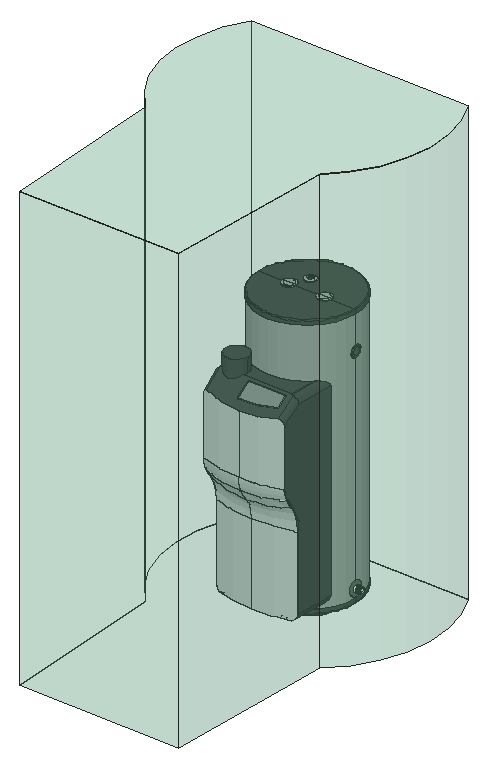
Revit family "Innovo BEFR_IR 32 380 BEFR LP", category Mechanical Equipment, Revit 2015
Parameters (values of type "IR-32-380 BEFR LP")
  largeur d'emballage = 786 mm  # constant formula
  l'Intervalle d'Entretien = "12 mois"  # constant formula
  Workspace Radius = Diameter + 170 mm  # 730 mm
  Workspace Height = Hauteur + 1000 mm  # 2545 mm
  Workspace Front Distance = 1000 mm
  Workspace [instance] = yes
  Valve Height 02 = if(and(Hauteur = 1745 mm, Diameter = 675 mm), 1518 mm, if(and(Hauteur = 1745 mm, Diameter = 610 mm), 1534 mm, if(Hauteur = 1545 mm, 1328 mm, 1070 mm)))  # 1328 mm
  Valve Height 01 = if(and(Diameter > 560 mm), 693 mm, 604 mm)  # 604 mm
  Valeur Maximale du Thermostat de Régulation = 85 °C  # constant formula
  Valeur Manimale du Thermostat de Régulation = 40 °C  # constant formula
  Valeur Défaut du Thermostat de Régulation = 65 °C  # constant formula
  URL = "www.aosmith.be"
  Type d'Installation = "B23/C13/C33/C43/C53/C63"  # constant formula
  Type d'emballage = "Carton et bois"  # constant formula
  Tension d'Alimentation (-15%, +10%) = 230 V  # constant formula
  Température Maximale des Fumées = 45 °C
  Temps de réchauffement à ΔT = 70°C = "65"
  Temps de réchauffement à ΔT = 55°C = "52"
  Temps de réchauffement à ΔT = 50°C = "47"
  Temps de réchauffement à ΔT = 44°C = "41"
  Temps de réchauffement à ΔT = 28°C = "27"
  Spécifications du Produit = ""
  Réglages du thermostat du chauffe-eau = 65 °C  # constant formula
  Réglage Standard Pour = "G20/G25"
  Rendement Saisonnier (Hs) = [Rendement (Hs, acc. NEN-EN 89 - 1999)]  # 98
  Rendement (Hs, acc. NEN-EN 89 - 1999) = 98
  Rendement (Hi, acc. NEN-EN 89 - 1999) = 109
  Raccord Évacuation de la Condensation = 40 mm  # constant formula
  Raccord de la Soupape de Vidange = 3/4"
  Raccord de Sortie d'Eau Chaude = 3/4"
  Raccord de Gaz = 15"  # constant formula
  Raccord d'Alimentation en Eau Froide = 3/4"  # constant formula
  Raccord Robinet de Vidange = 3/4"  # constant formula
  Puissance Électrique Absorbée (sommet) = 85 W
  Puissance Électrique Absorbée (nominal) = 25 W
  Profondeur d'emballage = 946 mm  # constant formula
  Profondeur = 780 mm  # constant formula
  Profils de soutirage déclaré = "XL"
  Production Nominale = "11900.0/9800.0"
  Pression de Fonctionnement Maximale = 800000.0 Pa  # constant formula
  Pression Différentielle d'Ouverture de l'Interrupteur de Pression < = 115.0 Pa
  Pression Amont de Gaz = "2000/2500 Pa"
  Precaustions during assembling, installation or maintenance = "voir Manuel d'installation, d'emploi er d'entretien"  # constant formula
  Poids à vide = 106 kg
  Poids de Transport = 122 kg
  Phase = 1
  Pertes en Veille - tous les jours (24h) = 0 W
  Pertes en Veille = 0 W
  Nombre de modèle du produit (EAN) = "8717449285951"
  Niveau du Son dB (A) = "<45"  # constant formula
  Niveau de puissance acoustique à l'intérieur = "41 dB"
  NOx-émissions mg/kWh = "22.0/23.0"
  NOx-émissions (ven air, 0% O2) ppm = "14.0/14.0"
  Modèdele = "IR-12-200"
  Model = "IR-12-200 FR NAT"
  Marque commerciale = "A.O. Smith"  # constant formula
  Manufacturer = "A.O. Smith Water Products Company b.v."  # constant formula
  Largeur = Diameter  # 560 mm
  La commande intelligente = no
  L'efficacité énergétique pour le chauffage de l'eau (2) = "-"
  L'efficacité énergétique pour le chauffage de l'eau (1) = "94%"
  Hauteur du Raccordement au Gaz = 860 mm
  Hauteur de la Sortie d'eau Chaude = 1545 mm
  Hauteur de l'Alimentation en eau Froide = 170 mm
  Hauteur d'emballage = 1695 mm
  Hauteur Conduit d'Évacuation des Fumées = 1305 mm
  Hauteur Conduit d'Alimentation en Air = 1305 mm
  Hauteur = 1545 mm
  Guide de Produit = ""
  Garantie sur la Cuve = "36 mois"  # constant formula
  Garantie Pièces = "12 mois"  # constant formula
  Fréquence secteur = 50 Hz  # constant formula
  Forctionner qu'en heures creuses = no
  Fabricant No. = "E 7110"  # constant formula
  Epaisseur d'Isolation = 50 mm
  Débit de vidage à ΔT = 70°C après 90 min. = 350.0 L
  Débit de vidage à ΔT = 70°C après 60 min. = 270.0 L
  Débit de vidage à ΔT = 70°C après 30 min. = 200.0 L
  Débit de vidage à ΔT = 70°C après 120 min. = 420.0 L
  Débit de vidage à ΔT = 55°C après 90 min. = 460.0 L
  Débit de vidage à ΔT = 55°C après 60 min. = 370.0 L
  Débit de vidage à ΔT = 55°C après 30 min. = 270.0 L
  Débit de vidage à ΔT = 55°C après 120 min. = 560.0 L
  Débit de vidage à ΔT = 50°C après 90 min. = 510.0 L
  Débit de vidage à ΔT = 50°C après 60 min. = 410.0 L
  Débit de vidage à ΔT = 50°C après 30 min. = 310.0 L
  Débit de vidage à ΔT = 50°C après 120 min. = 610.0 L
  Débit de vidage à ΔT = 44°C après 90 min. = 590.0 L
  Débit de vidage à ΔT = 44°C après 60 min. = 470.0 L
  Débit de vidage à ΔT = 44°C après 30 min. = 360.0 L
  Débit de vidage à ΔT = 44°C après 120 min. = 710.0 L
  Débit de vidage à ΔT = 28°C après 90 min. = 950.0 L
  Débit de vidage à ΔT = 28°C après 60 min. = 760.0 L
  Débit de vidage à ΔT = 28°C après 30 min. = 580.0 L
  Débit de vidage à ΔT = 28°C après 120 min. = 1200.0 L
  Débit de vidage en Continu à ΔT = 70°C = 150.0 L/s
  Débit de vidage en Continu à ΔT = 55°C = 190.0 L/s
  Débit de vidage en Continu à ΔT = 50°C = 210.0 L/s
  Débit de vidage en Continu à ΔT = 44°C = 240.0 L/s
  Débit de vidage en Continu à ΔT = 28°C = 370.0 L/s
  Diamètre Cheminée - Système Parallèle = "2x80"  # constant formula
  Diamètre Cheminée - Système Concentrique = "80/125 mm/mm"  # constant formula
  Diamètre Cheminée - Boiler = "80/125 mm/mm"  # constant formula
  Diameter = 560 mm
  Destination / Country = "Belgique"  # constant formula
  Description = "Préparateur ECS Solaire en Combinaison avec Réservoir de Stockage"  # constant formula
  D'autres profils de soutirage = "-"
  Created By = "http://www.cadcompany.nl/"
  Consommation de Gaz - Volume ltr/hr = "1.20/1.10"
  Consommation de Gaz - Masse kg/h = "a/p"
  Class d'efficacité énergétique (2) = "-"
  Class d'efficacité énergétique (1) = "A"  # constant formula
  Charge Nominale (Valeur Supérieure) = "12100.0/10000.0"
  Charge Nominale (Valeur Inférieure) = "10900.0/9000.0"
  Charge Maximale au Sol = 322 kg
  Catégorie de Gaz = "I2E(S)B"
  Capacité = 200.0 L
  CO2 Émissions (tol. +/- 1.0) vol% = "9.3/7.5"
  CE-PIN = "0063CQ3037"  # constant formula
  BIM Content Developer = "CAD & Company"  # constant formula
  Assembly Code = "D3010"
  Annual fuel consumption (2) = "-"
  Annual fuel consumption (1) = "16 GJ GCV"
  Annual electricity consumption (2) = "-"
  Annual electricity consumption (1) = "40 kWh"
  2ème Entretien (Entretien Général) = "12 mois après l'installation"  # constant formula
  1er Entretien (check-up) = "3 mois après l'installation"  # constant formula
Reference planes
  plane 1 "Center (Front/Back)": y = 0
  plane 2: z = 0
  plane 3 "Center (Left/Right)": x = 0
  plane 4 "Pipe": through (-383.901, 912.349, 194.799) normal (-0.0879, -0.0879, 0.9923)
  plane 5 "footing": y = 118.925
  plane 6 "footing front": y = -237.85
  plane 7: x = -280
  plane 8: x = 280
  plane 9: z = 1545
Forms (mm)
  Revolve 1, solid, material "RAL 9005", detail levels medium+fine
    sketch origin (0, -237.85, 0) x (-1, 0, 0) y (0, 0, 1)
      loop
        line (0, 28.9) -> (-15, 28.9) -> (-15, 26.4) -> (-8.671, 26.4) -> (-8.671, 18) -> (-5.686, 18) -> (-6.626, 17.06) -> (-6.626, 12.06) -> (-8.671, 12.06) -> (-8.671, 10) -> (-10.031, 10) -> (-23.271, 5.181)
        arc (-23.271, 5.181) -> (-23.763, 4.836) -> (-24.017, 4.293) r 1.159
        line (-24.017, 4.293) -> (-24.017, 1.03)
        arc (-24.017, 1.03) -> (-23.715, 0.302) -> (-22.986, 0) r 1.03
        line (-22.986, 0) -> (0, 0) -> (0, 28.9)
      axis (0, 28.9) -> (0, 0)
    angle from 0 to 360
  Revolve 2, solid, material "RAL 9005", detail levels medium+fine
    sketch origin (0, 118.925, 0) x (-1, 0, 0) y (0, 0, 1)
      loop
        line (-180.984, 28.9) -> (-195.984, 28.9) -> (-195.984, 26.4) -> (-189.655, 26.4) -> (-189.655, 18) -> (-186.67, 18) -> (-187.61, 17.06) -> (-187.61, 12.06) -> (-189.655, 12.06) -> (-189.655, 10) -> (-191.015, 10) -> (-204.256, 5.181)
        arc (-204.256, 5.181) -> (-204.747, 4.836) -> (-205.001, 4.293) r 1.159
        line (-205.001, 4.293) -> (-205.001, 1.03)
        arc (-205.001, 1.03) -> (-204.699, 0.302) -> (-203.971, 0) r 1.03
        line (-203.971, 0) -> (-180.984, 0) -> (-180.984, 28.9)
      axis (-180.984, 28.9) -> (-180.984, 0)
    angle from 0 to 360
  Revolve 3, solid, material "RAL 9005", detail levels medium+fine
    sketch origin (0, 118.925, 0) x (-1, 0, 0) y (0, 0, 1)
      loop
        line (179.016, 28.9) -> (164.016, 28.9) -> (164.016, 26.4) -> (170.345, 26.4) -> (170.345, 18) -> (173.33, 18) -> (172.39, 17.06) -> (172.39, 12.06) -> (170.345, 12.06) -> (170.345, 10) -> (168.985, 10) -> (155.744, 5.181)
        arc (155.744, 5.181) -> (155.253, 4.836) -> (154.999, 4.293) r 1.159
        line (154.999, 4.293) -> (154.999, 1.03)
        arc (154.999, 1.03) -> (155.301, 0.302) -> (156.029, 0) r 1.03
        line (156.029, 0) -> (179.016, 0) -> (179.016, 28.9)
      axis (179.016, 28.9) -> (179.016, 0)
    angle from 0 to 360
Lines and regions (mm)
  symbolic lines
    curve 1: line (0, 280.06, 0) -> (0, -280.06, 0)
    curve 2: line (-255.06, 0, 0) -> (255.06, 0, 0)
  symbolic lines, style "Workspace"
    curve 3: line (623.261, 380.06, 0) -> (-623.261, 380.06, 0)
    curve 4: arc (-623.261, 380.06, 0) -> (-726.942, -66.745, 0) -> (-543.632, -487.2, 0) r 730
    curve 5: line (-543.632, -487.2, 0) -> (-396.783, -1492.825, 0)
    curve 6: line (-396.783, -1492.825, 0) -> (399.03, -1492.825, 0)
    curve 7: line (399.03, -1492.825, 0) -> (545.76, -484.816, 0)
    curve 8: arc (545.76, -484.816, 0) -> (727.087, -65.154, 0) -> (623.261, 380.06, 0) r 730
Dimensions and locks
  plane 5 "footing" to plane 1 "Center (Front/Back)" = 118.925 mm
  plane 1 "Center (Front/Back)" to plane 6 "footing front" = 237.85 mm
  "Diameter": plane 7 to plane 8
  equal spacing: plane 7, plane 3 "Center (Left/Right)", plane 8
  "Hauteur": plane 9 to plane 2
  "Workspace Front Distance": curve 6 to nested 3
  "Workspace Radius": radius of curve 4
  "Workspace Radius": radius of curve 8
  aligned and locked: level to plane 2
  aligned and locked: nested 3 to Revolve 1 sketch curve
  aligned and locked: plane 3 "Center (Left/Right)" to Revolve 1 sketch curve
  aligned and locked: nested 3 to plane 1 "Center (Front/Back)"
  aligned and locked: plane 3 "Center (Left/Right)" to nested 3
  aligned and locked: nested 1 to plane 8
  aligned and locked: nested 5 to plane 8
  aligned and locked: nested 2 to plane 7
  aligned and locked: nested 4 to plane 7
  aligned and locked: nested 7 to plane 7
  aligned and locked: nested 8 to plane 3 "Center (Left/Right)"
  aligned and locked: plane 1 "Center (Front/Back)" to nested 8
  aligned and locked: nested 8 to nested 3
  aligned and locked: curve 3 to nested 8
Automatic sketch dimensions
  Revolve 1 sketch curve to level = 0 mm
  plane 3 "Center (Left/Right)" to Revolve 1 sketch curve = 5.686 mm
  Revolve 1 sketch curve to Revolve 1 sketch curve = 0.94 mm  (x2)
  Revolve 1 sketch curve to Revolve 1 sketch curve = 2.046 mm  (x2)
  Revolve 1 sketch curve to Revolve 1 sketch curve = 1.359 mm
  Revolve 1 sketch curve to Revolve 1 sketch curve = 6.329 mm
  level to Revolve 1 sketch curve = 4.091 mm
  Revolve 1 sketch curve to Revolve 1 sketch curve = 12.844 mm
  level to Revolve 1 sketch curve = 1.03 mm
  Revolve 1 sketch curve to Revolve 1 sketch curve = 0.111 mm
  level to Revolve 1 sketch curve = 5.181 mm
  Revolve 1 sketch curve to Revolve 1 sketch curve = 0.745 mm
  level to Revolve 1 sketch curve = 10 mm
  Revolve 1 sketch curve to Revolve 1 sketch curve = 2.06 mm
  Revolve 1 sketch curve to Revolve 1 sketch curve = 5 mm
  Revolve 1 sketch curve to Revolve 1 sketch curve = 8.4 mm
  Revolve 1 sketch curve to Revolve 1 sketch curve = 2.5 mm
  Revolve 1 sketch curve to level = 19.635 mm
  Revolve 1 sketch curve to Revolve 1 sketch curve = 46.465 mm
  Revolve 2 sketch curve to level = 0 mm
  level to Revolve 2 sketch curve = 1.03 mm
  Revolve 2 sketch curve to plane 8 = 74.999 mm
  level to Revolve 2 sketch curve = 5.181 mm
  Revolve 2 sketch curve to Revolve 2 sketch curve = 0.745 mm
  Revolve 2 sketch curve to Revolve 2 sketch curve = 0.397 mm
  Revolve 2 sketch curve to Revolve 2 sketch curve = 8.271 mm
  Revolve 2 sketch curve to Revolve 2 sketch curve = 13.241 mm
  Revolve 2 sketch curve to Revolve 2 sketch curve = 1.359 mm
  Revolve 2 sketch curve to Revolve 2 sketch curve = 6.329 mm
  Revolve 2 sketch curve to Revolve 2 sketch curve = 2.046 mm
  level to Revolve 2 sketch curve = 18 mm
  Revolve 2 sketch curve to Revolve 2 sketch curve = 0.94 mm  (x2)
  Revolve 2 sketch curve to Revolve 2 sketch curve = 8.671 mm
  Revolve 2 sketch curve to Revolve 2 sketch curve = 1.089 mm
  Revolve 2 sketch curve to Revolve 2 sketch curve = 8 mm
  Revolve 2 sketch curve to Revolve 2 sketch curve = 2.06 mm
  Revolve 2 sketch curve to Revolve 2 sketch curve = 8.4 mm
  Revolve 2 sketch curve to Revolve 2 sketch curve = 2.5 mm
  Revolve 2 sketch curve to Revolve 2 sketch curve = 0 mm
  Revolve 2 sketch curve to level = 19.635 mm
  Revolve 2 sketch curve to Revolve 2 sketch curve = 46.465 mm
  Revolve 3 sketch curve to level = 0 mm
  level to Revolve 3 sketch curve = 1.03 mm
  Revolve 3 sketch curve to plane 7 = 125.001 mm
  level to Revolve 3 sketch curve = 5.181 mm
  Revolve 3 sketch curve to Revolve 3 sketch curve = 0.745 mm
  Revolve 3 sketch curve to Revolve 3 sketch curve = 0.397 mm
  Revolve 3 sketch curve to Revolve 3 sketch curve = 8.271 mm
  Revolve 3 sketch curve to Revolve 3 sketch curve = 13.241 mm
  Revolve 3 sketch curve to Revolve 3 sketch curve = 1.359 mm
  Revolve 3 sketch curve to Revolve 3 sketch curve = 6.329 mm
  Revolve 3 sketch curve to Revolve 3 sketch curve = 2.046 mm
  level to Revolve 3 sketch curve = 18 mm
  Revolve 3 sketch curve to Revolve 3 sketch curve = 0.94 mm  (x2)
  Revolve 3 sketch curve to Revolve 3 sketch curve = 8.671 mm
  Revolve 3 sketch curve to Revolve 3 sketch curve = 1.089 mm
  Revolve 3 sketch curve to Revolve 3 sketch curve = 8 mm
  Revolve 3 sketch curve to Revolve 3 sketch curve = 2.06 mm
  Revolve 3 sketch curve to Revolve 3 sketch curve = 8.4 mm
  Revolve 3 sketch curve to Revolve 3 sketch curve = 2.5 mm
  Revolve 3 sketch curve to Revolve 3 sketch curve = 0 mm
  Revolve 3 sketch curve to level = 19.635 mm
  Revolve 3 sketch curve to Revolve 3 sketch curve = 46.465 mm
  curve 4 to curve 8 = 0 mm  (x2)
  plane 1 "Center (Front/Back)" to curve 2 = 0 mm
  curve 1 to plane 3 "Center (Left/Right)" = 0 mm
  plane 1 "Center (Front/Back)" to curve 4 = 0 mm
  curve 4 to plane 3 "Center (Left/Right)" = 0 mm
  curve 5 to plane 6 "footing front" = 249.35 mm
  plane 7 to curve 5 = 116.783 mm
  plane 8 to curve 7 = 119.03 mm
  curve 7 to plane 6 "footing front" = 246.966 mm
  curve 2 to plane 7 = 24.94 mm
  curve 2 to plane 8 = 24.94 mm
  curve 1 to plane 6 "footing front" = 42.21 mm
  plane 5 "footing" to curve 1 = 161.135 mm
Nested families
  nested 1: "Valve" at (280, -0.38, 1328) x (0, 1, 0) z (0, 0, 1), built-in parameter 1001364 <- "Valve Height 02", type "Valve"
  nested 2: "Drain Valve" at (-280, 0, 1328), built-in parameter 1001364 <- "Valve Height 02", type "Drain Valve"
  nested 3: "Housing Mother Housing S 57 (external)" at (0, -274.886, 0), type "Housing Mother_Housing S_57"
  nested 4: "Drain Valve" at (-280, 0, 177), type "Drain Valve"
  nested 5: "Drain Valve" at (280, 0, 107) x (-1, 0, 0) z (0, 0, 1), type "Drain Valve"
  nested 6: "Boiler" at (0, 0, 0), height <- "Hauteur", type "Boiler"
    with height 1545 mm
  nested 7: "Drain Valve" at (-280, 0, 604), built-in parameter 1001364 <- "Valve Height 01", type "Drain Valve"
  nested 8: "Innovo_workspace" at (0, 0, 0), Workspace <- "Workspace", Workspace Distance Front <- "Workspace Front Distance", Workspace Height <- "Workspace Height", Workspace Radius <- "Workspace Radius", type "Workspace"
    with Workspace Radius 730 mm, Workspace Height 2545 mm, Workspace Distance Front 1000 mm, Workspace yes, Center to Front 492.825 mm
Connectors
  piping at (314.826, 0, 107), diameter 19.05, driven by "Raccord Robinet de Vidange"
    settings: on nested 5, index 1, connector inside diameter 24", connector length 0 mm, flow factor 0, pipe flow 0.0 L/s, pressure drop 0.0 Pa, fitting loss kfactor 0, connector angle 0.00°, fixture units 0, engagement length 0 mm, angle of deflection 0.00°, flow configuration 0, flow direction 0, fitting loss method 0, system type 19, joint type 0, gender type 0, connector reference index -1, connector utility 0, adjustable connector no, is connector primary yes, connector description ""
  hvac at (-147.013, -321.326, 1310.674)
    settings: on nested 3, index 2, duct flow 0.0 L/s, flow factor 0, pres drop 0.0 Pa, loss coef 0, conn angle 0.00°, conn width 304.8 mm, conn height 304.8 mm, conn diameter 125 mm, duct sys type 4, conn prof type 0, flow config 0, flow direction 0, loss method 0, conn ref index -1, conn util no, is conn primary yes, conn desc ""
Definition of nested family "Valve"
  Parameters (values of type "Valve")
    Type Comments = "T&P valve (internal)"
    Manufacturer = "A.O. Smith"
  Reference planes
    plane 1 "Center (Front/Back)": y = 0
    plane 2: z = 0
    plane 3 "Center (Left/Right)": x = 0
  Forms (mm)
    Extrusion 1, solid, detail levels fine
      sketch origin (0, 0, 0) x (1, 0, 0) y (0, 0, 1)
        loop
          circle (0, 0) r 31.5
      from -2.271 to 1.4
    Sweep 2, solid, detail levels fine
      path origin (0, -1.4, 0) x (1, 0, 0) y (0, 0, 1)
        loop
          circle (0, 0) r 31.5
      profile origin (0, -1.4, 31.5) x (0, 0, -1) y (0, -1, 0)
        loop
          line (7.3, 0) -> (7.3, 3) -> (0, 0) -> (7.3, 0)
  Dimensions and locks
    aligned and locked: level to plane 2
Definition of nested family "Drain Valve"
  Reference planes
    plane 1 "Center (Front/Back)": y = 0
    plane 2: z = 0
    plane 3 "Center (Left/Right)": x = 0
  Forms (mm)
    Revolve 1, solid, detail levels medium+fine
      sketch origin (0, 0, 0) x (1, 0, 0) y (0, 0, 1)
        loop
          line (-33.442, 15.696) -> (-34.826, 14.329) -> (-34.93, 12.731) -> (-16.555, 12.731) -> (-16.555, 0) -> (15.787, 0) -> (15.787, 18.3) -> (-14.4, 18.3) -> (-17.148, 15.533) -> (-18.729, 16.697) -> (-20.091, 15.333) -> (-21.672, 16.496) -> (-23.034, 15.133) -> (-24.614, 16.296) -> (-25.976, 14.932) -> (-27.557, 16.096) -> (-28.919, 14.732) -> (-30.5, 15.896) -> (-31.862, 14.532) -> (-33.442, 15.696)
        axis (-34.93, 0) -> (15.787, 0)
      angle from 0 to 360
  Dimensions and locks
    aligned and locked: level to plane 2
  Nested families
    nested 1: "Rubber sealing" at (2.592, -0.155, 0) x (0.0023, -1, 0) z (0, 0, 1), type "Rubber sealing", detail levels fine
  Definition of nested family "Rubber sealing"
    Reference planes
      plane 1 "Center (Front/Back)": y = 0
      plane 2: z = 0
      plane 3 "Center (Left/Right)": x = 0
    Forms (mm)
      Extrusion 1, solid, detail levels fine
        sketch origin (141.861, 319.581, 0) x (1, 0, 0) y (0, 1, 0)
          loop
            line (-216.354, -311.898) -> (-216.354, -313.94)
            arc (-216.354, -313.94) -> (-141.602, -321.581) -> (-66.861, -313.835) r 366.966
            line (-66.861, -313.835) -> (-66.861, -311.791)
            arc (-66.861, -311.791) -> (-141.602, -319.581) -> (-216.354, -311.898) r 364.966
        from -80 to 80
      Extrusion 2, void
        sketch origin (141.861, 319.581, 0) x (1, 0, 0) y (0, 0, 1)
          loop
            circle (-141.861, 0) r 13
          loop
            circle (-141.861, 0) r 110
          loop
            circle (-141.861, 0) r 40
        from 311.563 to 332.684
      Extrusion 3, void
        sketch origin (141.861, 319.581, 0) x (1, 0, 0) y (0, 0, 1)
          loop
            circle (-141.861, 0) r 18.25
        from 315.524 to 326.084
    Cuts and joins
      Extrusion 2, Extrusion 3 cuts Extrusion 1
    Dimensions and locks
      aligned and locked: level to plane 2
Definition of nested family "Housing Mother Housing S 57 (external)"
  Parameters (values of type "Housing Mother_Housing S_57")
    radius [instance] = 280 mm
    distance to boiler center = if(diameter = 675 mm, 189 mm, if(diameter = 610 mm, 154 mm, 129 mm))  # 129 mm
    diameter = 560 mm
  Reference planes
    plane 1 "Center (Front/Back)": y = 0
    plane 2: z = 0
    plane 3 "Center (Left/Right)": x = 0
    plane 4 "left": through (-245.286, 145.886, 1200) normal (0.9994, 0.0349, 0)
    plane 5: y = -217.939
    plane 6: y = 145.886
    plane 7: z = 1232.6
    plane 8: z = 65.89
    plane 9 "right": through (245.286, 145.886, 1200) normal (0.9994, -0.0349, 0)
    plane 10 "display": through (0, -90.37, 1221.196) normal (0, -0.5736, 0.8192)
    plane 11 "Potentiostat": z = 867.899
    plane 12 "boiler center": y = 274.886
    plane 13: x = -280
    plane 14: x = 280
  Forms (mm)
    Extrusion 1, solid
      sketch origin (0, 0, 0) x (1, 0, 0) y (0, 1, 0)
        loop
          line (-245.286, 145.886) -> (-232.581, -217.939) -> (232.581, -217.939) -> (245.286, 145.886)
          arc (245.286, 145.886) -> (0, 0.923) -> (-245.286, 145.886) r 280
      from 0 to 1232.6
    Sweep 2, void
      path origin (0, 0, 0) x (0, 1, 0) y (0, 0, 1)
        loop
          line (-217.939, 1232.6) -> (-217.939, 795.555)
          arc (-217.939, 795.555) -> (-212.387, 754.285) -> (-197.694, 715.322) r 183.924
          arc (-197.694, 715.322) -> (-179.915, 684.628) -> (-159.106, 655.901) r 348.284
          arc (-159.106, 655.901) -> (-131.411, 600.328) -> (-121.88, 538.973) r 202.254
          line (-121.88, 538.973) -> (-121.88, 61.106)
      profile origin (0, -217.939, 1014.077) x (1, 0, 0) y (0, 1, 0)
        loop
          arc (0, 0) -> (-117.533, 9.941) -> (-231.728, 39.475) r 699.984
          arc (-231.728, 39.475) -> (-233.391, 40.705) -> (-234.07, 42.659) r 3.505
          line (-234.07, 42.659) -> (-254.062, 42.659) -> (-254.062, -142.593) -> (254.07, -142.593) -> (254.07, 42.659) -> (234.07, 42.659)
          arc (234.07, 42.659) -> (233.391, 40.705) -> (231.728, 39.475) r 3.505
          arc (231.728, 39.475) -> (117.533, 9.941) -> (0, 0) r 699.984
    Extrusion 3, void
      sketch origin (0, 0, 0) x (0, 1, 0) y (0, 0, 1)
        loop
          arc (102.864, 70.869) -> (99.804, 70.709) -> (96.874, 69.813) r 12.57
          arc (96.874, 69.813) -> (87.878, 66.533) -> (78.516, 64.529) r 69.114
          arc (78.516, 64.529) -> (76.41, 64.284) -> (74.294, 64.148) r 41.206
          arc (74.294, 64.148) -> (65.203, 64.335) -> (56.122, 64.782) r 318.661
          arc (56.122, 64.782) -> (30.585, 66.179) -> (5.028, 67.128) r 1456.581
          line (5.028, 67.128) -> (-84.534, 73.135)
          arc (-84.534, 73.135) -> (-86.363, 73.808) -> (-87.536, 75.365) r 3.455
          line (-87.536, 75.365) -> (-264.473, 75.365) -> (-264.473, 0) -> (160.886, 0) -> (160.886, 103.945) -> (145.886, 103.945)
          arc (145.886, 103.945) -> (145.104, 97.827) -> (142.923, 92.059) r 26.364
          arc (142.923, 92.059) -> (141.067, 88.936) -> (138.867, 86.045) r 31.715
          arc (138.867, 86.045) -> (135.576, 82.49) -> (132.021, 79.2) r 62.615
          arc (132.021, 79.2) -> (125.841, 74.697) -> (119.091, 71.103) r 54.444
          arc (119.091, 71.103) -> (116.371, 70.272) -> (113.531, 70.123) r 11.669
          line (113.531, 70.123) -> (102.864, 70.869)
      from -254.062 to 254.07
    Sweep 4, void
      path origin (0, 0, 0) x (1, 0, 0) y (0, 1, 0)
        loop
          line (-245.286, 145.886) -> (-232.581, -217.939)
      profile origin (-238.933, -36.027, 0) x (0.999391, 0.034899, 0) y (0, 0, 1)
        loop
          line (-4.454, 0) -> (47.084, 0) -> (47.084, 73.431)
          arc (47.084, 73.431) -> (14.222, 85.134) -> (0.255, 117.1) r 43.922
          line (0.255, 117.1) -> (-4.454, 117.1) -> (-4.454, 0)
    Sweep 5, void
      path origin (0, 0, 0) x (-1, 0, 0) y (0, 1, 0)
        loop
          line (-245.286, 145.886) -> (-232.581, -217.939)
      profile origin (238.933, -36.027, 0) x (0.999391, -0.034899, 0) y (0, 0, 1)
        loop
          line (4.454, 0) -> (4.454, 117.1) -> (-0.255, 117.1)
          arc (-0.255, 117.1) -> (-14.222, 85.134) -> (-47.084, 73.431) r 43.922
          line (-47.084, 73.431) -> (-47.084, 0) -> (4.454, 0)
    Sweep 6, void
      path origin (-239.899, -8.377, 0) x (-0.034899, 0.999391, 0) y (0, 0, 1)
        loop
          line (-209.69, 1141.272) -> (-79.18, 1232.6) -> (154.358, 1232.6)
      profile origin (-241.211, 29.188, 1232.6) x (0, 0, 1) y (0.999391, 0.034899, 0)
        loop
          line (-45, -30) -> (75, -30) -> (75, 0) -> (75, 55) -> (2.799, 55) -> (-1.253, 35.128)
          arc (-1.253, 35.128) -> (-16.771, 9.564) -> (-45, -0.308) r 44.287
          line (-45, -0.308) -> (-45, -30)
    Sweep 7, void
      path origin (239.899, -8.377, 0) x (0.034899, 0.999391, 0) y (0, 0, 1)
        loop
          line (-209.69, 1141.272) -> (-79.18, 1232.6) -> (154.358, 1232.6)
      profile origin (241.211, 29.188, 1232.6) x (0, 0, -1) y (-0.999391, 0.034899, 0)
        loop
          line (-75, -25) -> (45, -25) -> (45, -0.308)
          arc (45, -0.308) -> (16.771, 9.564) -> (1.253, 35.128) r 44.287
          line (1.253, 35.128) -> (-2.799, 55) -> (-75, 55) -> (-75, -25)
    Extrusion 8, void
      sketch origin (0, 0, 0) x (0, 1, 0) y (0, 0, 1)
        loop
          line (-270, 1336.099) -> (-270, 1099.081) -> (68.497, 1336.099) -> (-270, 1336.099)
      from -425.038 to 444.42
    Extrusion 9, solid, detail levels medium+fine
      sketch origin (0, 0, 0) x (1, 0, 0) y (0, 1, 0)
        loop
          circle (-147.013, -46.44) r 65
      from 1163.174 to 1310.674
    Extrusion 10, void
      sketch origin (0, -603.506, 861.895) x (0, 0.819152, 0.573576) y (-1, 0, 0)
        loop
          arc (618.322, -173) -> (623.272, -170.95) -> (625.322, -166) r 7
          line (625.322, -166) -> (625.322, 35)
          arc (625.322, 35) -> (623.272, 39.95) -> (618.322, 42) r 7
          line (618.322, 42) -> (535.473, 42)
          arc (535.473, 42) -> (530.688, 40.11) -> (528.488, 35.46) r 7
          arc (528.488, 35.46) -> (531.569, -67.592) -> (554.18, -168.18) r 540
          arc (554.18, -168.18) -> (556.724, -171.668) -> (560.831, -173) r 7
          line (560.831, -173) -> (618.322, -173)
      from 0 to 137.286
    Sweep 11, solid, detail levels fine
      path origin (0, 0, 867.899) x (-1, 0, 0) y (0, -1, 0)
        loop
          line (309.749, -35.617) -> (204.371, -35.617)
          arc (204.371, -35.617) -> (196.509, -34.687) -> (189.082, -31.947) r 33.677
          line (189.082, -31.947) -> (-9.574, 69.274)
      profile origin (-257.06, 35.617, 867.899) x (0, 1, 0) y (0, 0, 1)
        loop
          circle (0, 0) r 7.316
        loop
          circle (0, 0) r 6.465
    Revolve 12, void
      sketch origin (0, 274.886, 0) x (-1, 0, 0) y (0, 0, 1)
        loop
          line (280, 1243.838) -> (0, 1243.838) -> (0, 54.9) -> (280, 54.9) -> (280, 1243.838)
        axis (0, 1243.838) -> (0, 54.9)
      angle from 0 to 360
  Cuts and joins
    Sweep 2, Extrusion 3, Sweep 4, Sweep 5, Sweep 6, Sweep 7, Extrusion 8, Extrusion 10, Revolve 12 cuts Extrusion 1
  Dimensions and locks
    plane 8 to plane 2 = 65.89 mm
    plane 7 to plane 8 = 1166.71 mm
    "distance to boiler center": plane 12 "boiler center" to plane 6
    "diameter": plane 14 to plane 13
    equal spacing: plane 14, plane 3 "Center (Left/Right)", plane 13
    "radius": plane 3 "Center (Left/Right)" to plane 13
    aligned and locked: level to plane 2
    aligned and locked: Extrusion 1 to plane 7
    aligned and locked: Extrusion 1 sketch curve to plane 5
    aligned and locked: Sweep 2 to Extrusion 3
    aligned and locked: Extrusion 3 to Sweep 2  (x2)
    aligned and locked: plane 7 to Sweep 2 sketch curve
    aligned and locked: plane 3 "Center (Left/Right)" to Revolve 12 sketch curve
    aligned and locked: Revolve 12 sketch curve to plane 3 "Center (Left/Right)"
    aligned and locked: plane 13 to Revolve 12 sketch curve
  Automatic sketch dimensions
    Extrusion 1 sketch curve to plane 4 "left" = 0 mm  (x2)
    Extrusion 1 sketch curve to plane 6 = 0 mm  (x2)
    Extrusion 1 sketch curve to plane 3 "Center (Left/Right)" = 0 mm
    Extrusion 1 sketch curve to plane 9 "right" = 0 mm
    plane 6 to Extrusion 1 sketch curve = 135.037 mm
    Sweep 2 sketch curve to plane 5 = 0 mm
    plane 5 to Sweep 2 sketch curve = 106.195 mm
    Sweep 2 sketch curve to plane 5 = 96.059 mm
    plane 1 "Center (Front/Back)" to Sweep 2 sketch curve = 34.053 mm
    plane 11 "Potentiostat" to Sweep 2 sketch curve = 6.417 mm
    Sweep 2 sketch curve to plane 6 = 33.705 mm
    Sweep 2 sketch curve to plane 11 "Potentiostat" = 68.615 mm
    Sweep 2 sketch curve to plane 11 "Potentiostat" = 72.345 mm
    Sweep 2 sketch curve to Sweep 2 sketch curve = 176.349 mm
    Sweep 2 sketch curve to Sweep 2 sketch curve = 0 mm  (x2)
    plane 8 to Sweep 2 sketch curve = 4.784 mm
    Extrusion 3 sketch curve to level = 0 mm
    Extrusion 3 sketch curve to plane 6 = 0 mm
    Extrusion 3 sketch curve to plane 6 = 26.363 mm
    Extrusion 3 sketch curve to Extrusion 3 sketch curve = 4.75 mm
    Extrusion 3 sketch curve to Extrusion 3 sketch curve = 5.179 mm
    Extrusion 3 sketch curve to plane 8 = 4.232 mm
    Extrusion 3 sketch curve to Extrusion 3 sketch curve = 0.814 mm
    Extrusion 3 sketch curve to plane 8 = 4.978 mm
    Extrusion 3 sketch curve to Extrusion 3 sketch curve = 10.667 mm
    Extrusion 3 sketch curve to Extrusion 3 sketch curve = 0.877 mm
    Extrusion 3 sketch curve to Extrusion 3 sketch curve = 17.827 mm
    Extrusion 3 sketch curve to Extrusion 3 sketch curve = 5.646 mm
    Extrusion 3 sketch curve to plane 6 = 69.562 mm
    Extrusion 3 sketch curve to Extrusion 3 sketch curve = 18.6 mm
    Extrusion 3 sketch curve to Extrusion 3 sketch curve = 22.538 mm
    Extrusion 3 sketch curve to plane 8 = 1.238 mm
    Extrusion 3 sketch curve to plane 1 "Center (Front/Back)" = 5.028 mm
    plane 1 "Center (Front/Back)" to Extrusion 3 sketch curve = 36.224 mm
    Extrusion 3 sketch curve to plane 8 = 10.692 mm
    plane 1 "Center (Front/Back)" to Extrusion 3 sketch curve = 84.302 mm
    Extrusion 3 sketch curve to plane 8 = 7.244 mm
    Extrusion 3 sketch curve to Extrusion 3 sketch curve = 0.231 mm
    Extrusion 3 sketch curve to Extrusion 3 sketch curve = 3.234 mm
    plane 5 to Extrusion 3 sketch curve = 46.534 mm
    plane 6 to Extrusion 3 sketch curve = 15 mm
    Extrusion 3 sketch curve to level = 1388.869 mm
    plane 8 to Extrusion 3 sketch curve = 7.561 mm
    Extrusion 3 sketch curve to Extrusion 3 sketch curve = 11.64 mm
    Extrusion 3 sketch curve to plane 8 = 38.054 mm
    Extrusion 3 sketch curve to Extrusion 3 sketch curve = 22.442 mm
    Extrusion 3 sketch curve to plane 8 = 39.432 mm
    Extrusion 3 sketch curve to Extrusion 3 sketch curve = 2.466 mm
    Extrusion 3 sketch curve to Extrusion 3 sketch curve = 14.17 mm
    Extrusion 3 sketch curve to Extrusion 3 sketch curve = 5.925 mm
    Extrusion 3 sketch curve to Extrusion 3 sketch curve = 6.186 mm
    Extrusion 3 sketch curve to Extrusion 3 sketch curve = 249.85 mm
    Extrusion 3 sketch curve to Extrusion 3 sketch curve = 0 mm  (x4)
    Extrusion 3 sketch curve to Extrusion 3 sketch curve = 6.845 mm
    plane 8 to Extrusion 3 sketch curve = 1.743 mm
    Sweep 4 sketch curve to plane 4 "left" = 0 mm  (x2)
    Sweep 4 sketch curve to plane 6 = 0 mm
    plane 5 to Sweep 4 sketch curve = 0 mm
    Sweep 4 sketch curve to level = 0 mm
    profile plane to Sweep 4 sketch curve = 4.454 mm
    Sweep 4 sketch curve to profile plane = 0.255 mm
    Sweep 4 sketch curve to Sweep 4 sketch curve = 43.922 mm
    Sweep 4 sketch curve to profile plane = 47.084 mm
    level to Sweep 4 sketch curve = 73.431 mm
    Sweep 4 sketch curve to Sweep 4 sketch curve = 43.669 mm
    Sweep 5 sketch curve to plane 6 = 0 mm
    Sweep 5 sketch curve to plane 9 "right" = 0 mm  (x2)
    plane 5 to Sweep 5 sketch curve = 0 mm
    Sweep 5 sketch curve to level = 0 mm
    profile plane to Sweep 5 sketch curve = 47.084 mm
    Sweep 5 sketch curve to Sweep 5 sketch curve = 2.907 mm
    profile plane to Sweep 5 sketch curve = 0.255 mm
    Sweep 5 sketch curve to profile plane = 4.454 mm
    level to Sweep 5 sketch curve = 73.431 mm
    Sweep 5 sketch curve to Sweep 5 sketch curve = 43.669 mm
    Sweep 6 sketch curve to plane 7 = 0 mm
    plane 7 to Sweep 6 sketch curve = 91.328 mm
    Sweep 6 sketch curve to Sweep 6 sketch curve = 130.509 mm
    Sweep 6 sketch curve to Sweep 6 sketch curve = 233.538 mm
    Sweep 6 sketch curve to plane 4 "left" = 0 mm
    profile plane to Sweep 6 sketch curve = 45 mm
    Sweep 6 sketch curve to Sweep 6 sketch curve = 0.354 mm
    profile plane to Sweep 6 sketch curve = 1.253 mm
    Sweep 6 sketch curve to profile plane = 2.799 mm
    Sweep 6 sketch curve to Sweep 6 sketch curve = 72.201 mm
    Sweep 6 sketch curve to plane 4 "left" = 0.308 mm
    Sweep 6 sketch curve to Sweep 6 sketch curve = 29.692 mm
    plane 4 "left" to Sweep 6 sketch curve = 35.128 mm
    plane 4 "left" to Sweep 6 sketch curve = 55 mm
    Sweep 7 sketch curve to plane 7 = 0 mm
    Sweep 7 sketch curve to plane 7 = 91.328 mm
    Sweep 7 sketch curve to Sweep 7 sketch curve = 130.509 mm
    Sweep 7 sketch curve to Sweep 7 sketch curve = 233.538 mm
    Sweep 7 sketch curve to plane 9 "right" = 25 mm
    profile plane to Sweep 7 sketch curve = 75 mm
    profile plane to Sweep 7 sketch curve = 2.799 mm
    Sweep 7 sketch curve to profile plane = 1.253 mm
    Sweep 7 sketch curve to Sweep 7 sketch curve = 43.393 mm
    Sweep 7 sketch curve to profile plane = 45 mm
    Sweep 7 sketch curve to plane 9 "right" = 0.308 mm
    plane 9 "right" to Sweep 7 sketch curve = 35.128 mm
    Sweep 7 sketch curve to Sweep 7 sketch curve = 19.872 mm
    plane 5 to Extrusion 8 sketch curve = 52.061 mm
    Extrusion 8 sketch curve to plane 1 "Center (Front/Back)" = 68.497 mm
    plane 7 to Extrusion 8 sketch curve = 133.519 mm
    Extrusion 8 sketch curve to plane 7 = 103.499 mm
    plane 1 "Center (Front/Back)" to Extrusion 9 sketch curve = 46.44 mm
    Extrusion 9 sketch curve to plane 3 "Center (Left/Right)" = 147.013 mm
    Extrusion 10 sketch curve to plane 3 "Center (Left/Right)" = 0 mm
    Extrusion 10 sketch curve to plane 3 "Center (Left/Right)" = 35 mm
    Extrusion 10 sketch curve to Extrusion 10 sketch curve = 25.359 mm
    Extrusion 10 sketch curve to Extrusion 10 sketch curve = 57.491 mm
    Extrusion 10 sketch curve to plane 3 "Center (Left/Right)" = 42 mm
    Extrusion 10 sketch curve to Extrusion 10 sketch curve = 82.85 mm
    Extrusion 10 sketch curve to Extrusion 10 sketch curve = 7 mm
    Extrusion 10 sketch curve to Extrusion 10 sketch curve = 442 mm
    plane 3 "Center (Left/Right)" to Extrusion 10 sketch curve = 166 mm
    Extrusion 10 sketch curve to Extrusion 10 sketch curve = 0 mm  (x2)
    Sweep 11 sketch curve to plane 1 "Center (Front/Back)" = 31.947 mm
    Sweep 11 sketch curve to plane 3 "Center (Left/Right)" = 189.082 mm
    Sweep 11 sketch curve to plane 1 "Center (Front/Back)" = 1.94 mm
    Sweep 11 sketch curve to Sweep 11 sketch curve = 15.289 mm
    plane 3 "Center (Left/Right)" to Sweep 11 sketch curve = 9.574 mm
    Sweep 11 sketch curve to Sweep 11 sketch curve = 105.378 mm
    plane 1 "Center (Front/Back)" to Sweep 11 sketch curve = 69.274 mm
    Sweep 11 sketch curve to Sweep 11 sketch curve = 0 mm  (x2)
    Sweep 11 sketch curve to plane 11 "Potentiostat" = 0 mm
    Sweep 11 sketch curve to profile plane = 0 mm
    plane 8 to Revolve 12 sketch curve = 10.99 mm
    Revolve 12 sketch curve to plane 7 = 11.238 mm
    Revolve 12 sketch curve to level = 366.045 mm
    Revolve 12 sketch curve to Revolve 12 sketch curve = 971.917 mm
    Sweep 2 sketch curve to plane 3 "Center (Left/Right)" = 0 mm
    profile plane to Sweep 2 sketch curve = 0 mm
    Sweep 2 sketch curve to plane 3 "Center (Left/Right)" = 0.016 mm
    Sweep 2 sketch curve to profile plane = 42.782 mm  (x2)
    Sweep 2 sketch curve to plane 3 "Center (Left/Right)" = 230.568 mm
    plane 3 "Center (Left/Right)" to Sweep 2 sketch curve = 0.016 mm
    plane 3 "Center (Left/Right)" to Sweep 2 sketch curve = 230.568 mm
    Sweep 2 sketch curve to Sweep 2 sketch curve = 3.502 mm  (x2)
    Sweep 2 sketch curve to Sweep 2 sketch curve = 20 mm
    profile plane to Sweep 2 sketch curve = 142.593 mm
    Sweep 2 sketch curve to Sweep 2 sketch curve = 0.122 mm  (x2)
    Sweep 2 sketch curve to Sweep 2 sketch curve = 657.203 mm
    Sweep 2 sketch curve to Sweep 2 sketch curve = 19.991 mm
    radius of Extrusion 9 sketch curve = 65 mm
    radius of Sweep 11 sketch curve = 7.316 mm
    radius of Sweep 11 sketch curve = 6.465 mm
  Nested families
    nested 1: "display" at (65.5, -130.939, 1192.79) x (-1, 0, 0) z (0, -0.5736, 0.8192), type "display"
  Definition of nested family "display"
    Parameters (values of type "display")
      Default Elevation = 1219.2 mm
    Reference planes
      plane 1 "Center (Front/Back)": y = 0
      plane 2: z = 0
      plane 3 "Center (Left/Right)": x = 0
    Forms (mm)
      Extrusion 1, solid, detail levels medium+fine
        sketch origin (-16.958, 11.842, -343.878) x (1, 0, 0) y (0, 0, -1)
          loop
            line (-233.523, -343.878) -> (-233.523, -346.592) -> (332.686, -346.592) -> (332.686, -343.878) -> (-233.523, -343.878)
        from -228.7 to 150.822
      Extrusion 2, void
        sketch origin (-16.958, 6.842, -343.878) x (1, 0, 0) y (0, 1, 0)
          loop
            line (-233.523, 155.822) -> (-233.523, -223.7) -> (332.686, -223.7) -> (332.686, 155.822) -> (-233.523, 155.822)
          loop
            arc (-90.542, -48.267) -> (-88.492, -53.216) -> (-83.542, -55.267) r 7
            line (-83.542, -55.267) -> (117.458, -55.267)
            arc (117.458, -55.267) -> (122.408, -53.216) -> (124.458, -48.267) r 7
            line (124.458, -48.267) -> (124.458, 34.583)
            arc (124.458, 34.583) -> (122.568, 39.368) -> (117.918, 41.568) r 7
            arc (117.918, 41.568) -> (14.866, 38.487) -> (-85.722, 15.876) r 540
            arc (-85.722, 15.876) -> (-89.21, 13.332) -> (-90.542, 9.224) r 7
            line (-90.542, 9.224) -> (-90.542, -48.267)
        from 328.878 to 363.083
    Cuts and joins
      Extrusion 2 cuts Extrusion 1
    Dimensions and locks
      aligned and locked: level to plane 2
Definition of nested family "Boiler"
  Parameters (values of type "Boiler")
    radius [instance] = 280 mm
    height [instance] = 1270 mm
    Diameter = 560 mm
  Reference planes
    plane 1 "Center (Front/Back)": y = 0
    plane 2: z = 0
    plane 3 "Center (Left/Right)": x = 0
    plane 4: z = 1243.838
    plane 5: z = 1270
    plane 6 "bottom": z = 28.9
    plane 7: z = 54.9
    plane 8 "top controle": y = 88
    plane 9: x = -280
    plane 10: x = 280
  Forms (mm)
    Revolve 1, solid
      sketch origin (0, 0, 0) x (1, 0, 0) y (0, 0, 1)
        loop
          line (0, 54.9) -> (-280, 54.9) -> (-280, 32.9)
          arc (-280, 32.9) -> (-278.828, 30.072) -> (-276, 28.9) r 4
          line (-276, 28.9) -> (0, 28.9) -> (0, 54.9)
        axis (0, 28.9) -> (0, 54.9)
      angle from 0 to 360
    Revolve 2, solid
      sketch origin (1.311, 0, 0) x (1, 0, 0) y (0, 0, 1)
        loop
          line (-278.86, 1243.838) -> (-278.86, 54.9) -> (-1.311, 54.9) -> (-1.311, 1243.838) -> (-278.86, 1243.838)
        axis (-1.311, 1243.838) -> (-1.311, 54.9)
      angle from 0 to 360
    Revolve 3, solid
      sketch origin (-9.205, 0, 377.212) x (-1, 0, 0) y (0, 0, 1)
        loop
          line (-148.904, 892.788) -> (-110.805, 892.788) -> (-110.805, 895.963) -> (-141.883, 895.963) -> (-148.904, 893.62) -> (-148.904, 892.788)
        axis (-110.805, 892.788) -> (-110.805, 895.963)
      angle from 0 to 360
    Revolve 4, solid
      sketch origin (0, 0, 718.065) x (1, 0, 0) y (0, 0, -1)
        loop
          line (0, -525.773) -> (-280, -525.773) -> (-280, -547.935)
          arc (-280, -547.935) -> (-278.828, -550.763) -> (-276, -551.935) r 4
          line (-276, -551.935) -> (0, -551.935) -> (0, -525.773)
        axis (0, -551.935) -> (0, -525.773)
      angle from 0 to 360
    Revolve 5, solid
      sketch origin (0, 88, 0) x (1, 0, 0) y (0, 0, 1)
        loop
          line (-19.051, 1270) -> (-19.051, 1271.074) -> (-32.63, 1275.604) -> (-32.63, 1271.117) -> (-37.266, 1271.117) -> (-38.383, 1270) -> (-19.051, 1270)
        axis (-50.8, 1270) -> (-50.8, 1275.604)
      angle from 0 to 360
    Revolve 6, solid
      sketch origin (-217.12, 0, 372.245) x (-1, 0, 0) y (0, 0, 1)
        loop
          line (-153.622, 897.755) -> (-115.52, 897.755) -> (-115.52, 900.93) -> (-146.626, 900.93) -> (-153.622, 898.596) -> (-153.622, 897.755)
        axis (-115.52, 897.755) -> (-115.52, 900.93)
      angle from 0 to 360
  Dimensions and locks
    "height": plane 5 to plane 2
    plane 6 "bottom" to plane 2 = 28.9 mm
    locked: plane 5 to plane 4 at 26.162
    locked: plane 1 "Center (Front/Back)" to plane 8 "top controle" at 88
    "Diameter": plane 10 to plane 9
    equal spacing: plane 10, plane 3 "Center (Left/Right)", plane 9
    "radius": plane 3 "Center (Left/Right)" to plane 9
    locked: plane 9 to Revolve 2 sketch curve at 2.452
    aligned and locked: level to plane 2
    aligned and locked: Revolve 2 sketch curve to plane 7
    aligned and locked: Revolve 2 sketch curve to plane 4
    aligned and locked: Revolve 1 sketch curve to plane 7
    aligned and locked: plane 6 "bottom" to Revolve 1 sketch curve
    aligned and locked: Revolve 4 sketch curve to plane 3 "Center (Left/Right)"
    aligned and locked: plane 5 to Revolve 4 sketch curve
    aligned and locked: Revolve 4 sketch curve to plane 4
    aligned and locked: plane 9 to Revolve 4 sketch curve
    aligned and locked: Revolve 1 sketch curve to plane 9
    aligned and locked: Revolve 2 sketch curve to plane 3 "Center (Left/Right)"
    aligned and locked: plane 3 "Center (Left/Right)" to Revolve 2 sketch curve
  Automatic sketch dimensions
    Revolve 1 sketch curve to plane 3 "Center (Left/Right)" = 0 mm  (x2)
    Revolve 1 sketch curve to Revolve 1 sketch curve = 4 mm
    Revolve 1 sketch curve to level = 40 mm
    Revolve 1 sketch curve to Revolve 1 sketch curve = 305.1 mm
    Revolve 2 sketch curve to level = 366.045 mm
    Revolve 2 sketch curve to plane 5 = 945.755 mm
    Revolve 3 sketch curve to plane 5 = 0 mm
    Revolve 3 sketch curve to plane 3 "Center (Left/Right)" = 139.699 mm
    plane 5 to Revolve 3 sketch curve = 3.175 mm
    Revolve 3 sketch curve to Revolve 3 sketch curve = 7.022 mm
    Revolve 3 sketch curve to Revolve 3 sketch curve = 31.078 mm
    Revolve 3 sketch curve to Revolve 3 sketch curve = 0.832 mm
    Revolve 3 sketch curve to Revolve 3 sketch curve = 0 mm
    Revolve 3 sketch curve to Revolve 3 sketch curve = 2.338 mm
    Revolve 3 sketch curve to Revolve 3 sketch curve = 4.487 mm
    Revolve 4 sketch curve to plane 3 "Center (Left/Right)" = 0 mm
    Revolve 4 sketch curve to Revolve 4 sketch curve = 4 mm
    Revolve 4 sketch curve to Revolve 4 sketch curve = 68.738 mm
    Revolve 4 sketch curve to Revolve 4 sketch curve = 305.1 mm
    Revolve 6 sketch curve to plane 5 = 0 mm
    plane 3 "Center (Left/Right)" to Revolve 6 sketch curve = 63.497 mm
    plane 5 to Revolve 6 sketch curve = 3.175 mm
    Revolve 6 sketch curve to Revolve 6 sketch curve = 6.997 mm
    Revolve 6 sketch curve to Revolve 6 sketch curve = 31.106 mm
    Revolve 6 sketch curve to Revolve 6 sketch curve = 0.84 mm
    Revolve 6 sketch curve to Revolve 6 sketch curve = 0 mm
    Revolve 6 sketch curve to Revolve 6 sketch curve = 7.216 mm
    Revolve 6 sketch curve to Revolve 6 sketch curve = 0.391 mm
    Revolve 5 sketch curve to Revolve 5 sketch curve = 13.578 mm
    Revolve 5 sketch curve to Revolve 5 sketch curve = 1.074 mm
    Revolve 5 sketch curve to Revolve 5 sketch curve = 12.417 mm
    Revolve 5 sketch curve to Revolve 5 sketch curve = 5.753 mm
    Revolve 5 sketch curve to plane 5 = 1.117 mm
    Revolve 5 sketch curve to Revolve 5 sketch curve = 1.117 mm
    plane 5 to Revolve 5 sketch curve = 4.396 mm
    Revolve 5 sketch curve to plane 5 = 0 mm
    Revolve 5 sketch curve to Revolve 5 sketch curve = 4.487 mm
    Revolve 5 sketch curve to plane 3 "Center (Left/Right)" = 38.383 mm
    Revolve 5 sketch curve to plane 5 = 5.604 mm
Definition of nested family "Innovo_workspace"
  Parameters (values of type "Workspace")
    Workspace Radius [instance] = 730 mm
    Workspace Height [instance] = 2270 mm
    Workspace Distance Front [instance] = 1000 mm
    Workspace [instance] = yes
    URL = "www.aosmith.nl"
    Model = ""
    Manufacturer = "A.O. Smith Water Products Company b.v."  # constant formula
    Description = ""
    Created By = ""
    Center to Front [instance] = 492.825 mm
    BIM Content Developer = "CAD & Company"  # constant formula
    Assembly Code = ""
  Reference planes
    plane 1 "Center (Front/Back)": y = 0
    plane 2: z = 0
    plane 3 "Center (Left/Right)": x = 0
    plane 4 "Pipe": through (-383.901, 912.349, 194.799) normal (-0.0879, -0.0879, 0.9923)
    plane 5 "front": y = -492.825
  Forms (mm)
    Extrusion 1, solid, visible <- "Workspace"
      sketch origin (0, 0, 0) x (1, 0, 0) y (0, 1, 0)
        loop
          line (456.53, -1492.825) -> (500.201, -531.695)
          arc (500.201, -531.695) -> (723.44, -97.643) -> (623.261, 380.06) r 730
          line (623.261, 380.06) -> (-623.261, 380.06)
          arc (-623.261, 380.06) -> (-723.227, -99.209) -> (-497.893, -533.856) r 730
          line (-497.893, -533.856) -> (-454.283, -1492.825) -> (456.53, -1492.825)
      from 0 to 2270 <- "Workspace Height"
  Lines and regions (mm)
    symbolic lines
      curve 1: line (0, 280.06, 0) -> (0, -280.06, 0)
      curve 2: line (-255.06, 0, 0) -> (255.06, 0, 0)
  Dimensions and locks
    locked: Extrusion 1 sketch curve to curve 1 at 100
    "Workspace Distance Front": plane 5 "front" to Extrusion 1
    "Center to Front": plane 1 "Center (Front/Back)" to plane 5 "front"
    "Workspace Radius": radius of Extrusion 1 sketch curve  (x2)
    aligned and locked: level to plane 2
  Automatic sketch dimensions
    plane 1 "Center (Front/Back)" to curve 2 = 0 mm
    curve 1 to plane 3 "Center (Left/Right)" = 0 mm
    plane 3 "Center (Left/Right)" to curve 2 = 255.06 mm
    curve 1 to plane 1 "Center (Front/Back)" = 280.06 mm
    curve 2 to plane 3 "Center (Left/Right)" = 255.06 mm
    plane 5 "front" to curve 1 = 212.765 mm
    Extrusion 1 sketch curve to Extrusion 1 sketch curve = 0 mm  (x2)
    plane 1 "Center (Front/Back)" to Extrusion 1 sketch curve = 0 mm
    Extrusion 1 sketch curve to plane 3 "Center (Left/Right)" = 0 mm
    Extrusion 1 sketch curve to plane 5 "front" = 41.031 mm
    Extrusion 1 sketch curve to plane 3 "Center (Left/Right)" = 454.283 mm
    plane 3 "Center (Left/Right)" to Extrusion 1 sketch curve = 456.53 mm
    Extrusion 1 sketch curve to plane 5 "front" = 38.869 mm
    Extrusion 1 sketch curve to Extrusion 1 sketch curve = 961.131 mm
